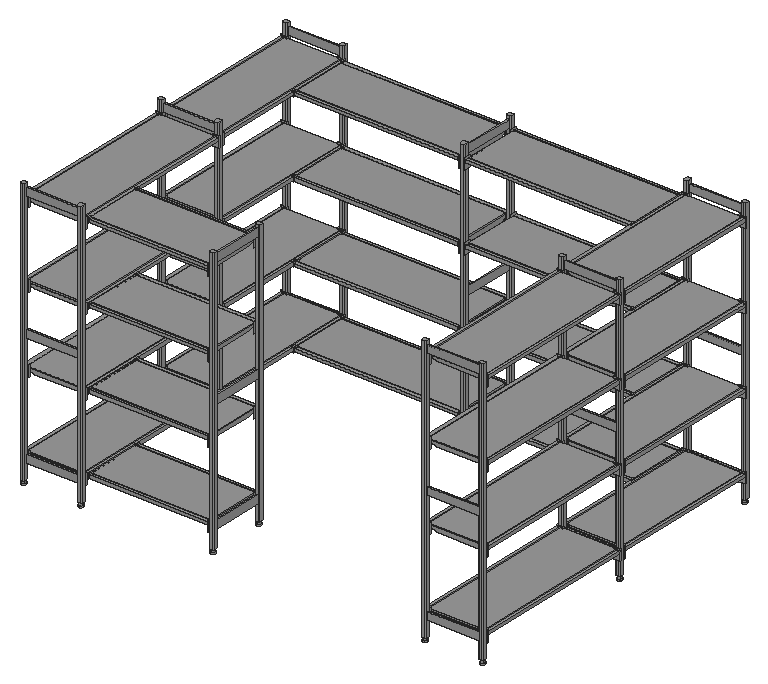
Revit family "QF_ELECTROLUXPROFESSIONAL_137106_CRS2820", category Attrezzature speciali, Revit 2020
Family settings
  Quota connettore circolare = Usa diametro
  Tipo di parte = Normale
  Basato su piano di lavoro = No
  Sempre verticale = Sì
  Taglio con vuoti quando caricato = No
  Condiviso = No
  Punto di calcolo locali = No
Parameters (values of type "Standard")
  Weight = 108.00 kg
  Watts = 0 W
  Volts = 0 V
  URL Manufacturer = "https://www.electroluxprofessional.com/"
  URL = "https://www.electroluxprofessional.com/"
  Steam Supply Size = 0 mm
  Steam Supply Minimum Pressure = 0.0 Pa
  Steam Supply Maximum Pressure = 0.0 Pa
  Steam Consumption per Hour = 0
  Refrigeration Suction Line Size = 0 mm
  Refrigeration Liquid Line Size = 0 mm
  Refrigerant Compressor Remote = yes
  Prospetto di default = 0 mm
  Produttore = "Electrolux Professional"
  Phase = 0
  Modello = "CRS2820"
  Length Actual = 708 mm  # constant formula
  Item Number = "137106"
  Hot Water Size = 0 mm
  Height Actual = 1550 mm  # constant formula
  HP = "0 HP"
  Gas Size = 0 mm
  Gas KW = 0
  Gas Input Pressure = 0 W
  Direct Waste Size = 0 mm
  Descrizione = "ALUM.SHELV.,POLY.TIERS-COLDROOM 283X203"
  Depth Actual = 373 mm  # constant formula
  Cycle = 0 Hz
  Condensate Return Size = 0 mm
  Compressed Air Volume = 0.0 L/s
  Compressed Air Size = 0 mm
  Compressed Air Pressure = 0.0 Pa
  Cold Water Size = 0 mm
  Accessory = yes
Reference planes
  plane 1 "Center (Front/Back)": y = 0
  plane 2: z = 0
  plane 3 "Center (Left/Right)": x = 0
  plane 4: x = -1415
  plane 5: y = 1015
  plane 6: y = -1015
  plane 7: x = 1415
  plane 8: x = -1369
  plane 9: x = 1369
  plane 10: y = 980
  plane 11: y = -980
Forms (mm)
  Extrusion 1, solid, material "QF_Clearances", detail levels coarse
    sketch origin (0, 0, 0) x (1, 0, 0) y (0, 1, 0)
      loop
        line (-1415, -1015) -> (295, -1015) -> (295, -980) -> (-1369, -980) -> (-1369, 980) -> (1369, 980) -> (1369, -980) -> (969, -980) -> (969, -1015) -> (1415, -1015) -> (1415, 1015) -> (-1415, 1015) -> (-1415, -1015)
    from 0 to 1590
Lines and regions (mm)
  symbolic lines, style "QF_Clearances"
    curve 1: line (-1415, 1015, 0) -> (-1415, -1015, 0)
    curve 2: line (1415, 1015, 0) -> (-1415, 1015, 0)
    curve 3: line (1415, -1015, 0) -> (1415, 1015, 0)
  symbolic lines
    curve 4: line (-1413.483, -55, 0) -> (-1415, -55, 0)
Dimensions and locks
  equal spacing: plane 5, plane 1 "Center (Front/Back)", plane 6
  plane 5 to plane 6 = 2030 mm
  equal spacing: plane 4, plane 3 "Center (Left/Right)", plane 7
  plane 4 to plane 7 = 2830 mm
  plane 4 to plane 8 = 46 mm
  plane 8 to plane 9 = 2738 mm
  plane 11 to plane 6 = 35 mm
  plane 10 to plane 11 = 1960 mm
  Extrusion 1 to nested 2 = 35 mm
  plane 4 to Extrusion 1 = 1710 mm
  aligned and locked: level to plane 2
  aligned and locked: plane 4 to Extrusion 1 sketch curve
  aligned and locked: Extrusion 1 sketch curve to plane 5
  aligned and locked: Extrusion 1 sketch curve to plane 7
  aligned and locked: Extrusion 1 sketch curve to plane 8
  aligned and locked: Extrusion 1 sketch curve to plane 10
  aligned and locked: plane 9 to Extrusion 1 sketch curve
  aligned and locked: Extrusion 1 sketch curve to plane 11
  aligned and locked: Extrusion 1 sketch curve to plane 6
Automatic sketch dimensions
  curve 1 to plane 4 = 0 mm
  plane 5 to curve 3 = 0 mm
  curve 3 to plane 7 = 0 mm
  curve 1 to plane 6 = 0 mm
  plane 6 to curve 3 = 0 mm
  curve 4 to curve 4 = 1.517 mm
  plane 1 "Center (Front/Back)" to curve 4 = 55 mm
  plane 3 "Center (Left/Right)" to Extrusion 1 sketch curve = 295 mm
  Extrusion 1 sketch curve to plane 9 = 400 mm
  plane 6 to Extrusion 1 sketch curve = 0 mm
  plane 11 to Extrusion 1 sketch curve = 0 mm
Nested families
  nested 1: "QF_974G" at (535.5, 728.5, 0) x (0, -1, 0) z (0, 0, 1), type "QF_974G"
  nested 2: "QF_974G" at (-535.5, 728.5, 0) x (0, -1, 0) z (0, 0, 1), type "QF_974G"
  nested 3: "QF_886" at (-1346, 536, 0) x (0, 1, 0) z (0, 0, 1), type "QF_886"
  nested 4: "QF_974" at (-1346, -430, 0) x (0, 1, 0) z (0, 0, 1), type "QF_974"
  nested 5: "QF_886" at (1346, 536, 0) x (0, 1, 0) z (0, 0, 1), type "QF_886"
  nested 6: "QF_974" at (1346, -430, 0) x (0, 1, 0) z (0, 0, 1), type "QF_974"
  nested 7: "QF_708G" at (-801.5, -728.5, 0) x (0, 1, 0) z (0, 0, 1), type "QF_708G"
Definition of nested family "QF_974G"
  Parameters
    Default Elevation = 0 mm
    Model = "137033"
    Manufacturer = "Electrolux Professional"
    Description = ""
  Reference planes
    plane 1: z = 0
    plane 2 "Center (F/B)": y = -163.5
    plane 3 "Front": y = -549.5
    plane 4 "Left": x = -217.5
    plane 5 "Right": x = 155.5
    plane 6 "TOP": z = 1700
    plane 7: y = -513
    plane 8: y = 461
    plane 9 "Center (Left/Right)": x = -31
    plane 10: y = 456
    plane 11: x = -186
    plane 12: x = 124
    plane 13 "FEET": z = 25
    plane 14: z = 140
    plane 15: z = 590
    plane 16: z = 1040
    plane 17: z = 1490
    plane 18 "CXLeft": y = -535.5
    plane 19: x = -200
    plane 20 "CYBack": x = -200
    plane 21 "CYFront": x = 138
    plane 22 "Back": y = 469.5
    plane 23 "LEFT_ORIGIN": x = -251.5
    plane 24 "BACK_Origin": y = 842.5
  Forms (mm)
    Extrusion 1, solid
      sketch origin (0, -549.5, 0) x (-1, 0, 0) y (0, 0, 1)
        loop
          line (198.5, 1515.994) -> (198.5, 1497.998) -> (217.5, 1497.998) -> (217.5, 1515.994) -> (198.5, 1515.994)
        loop
          line (-136.5, 1515.994) -> (-155.5, 1515.994) -> (-155.5, 1497.998) -> (-136.5, 1497.998) -> (-136.5, 1515.994)
        loop
          line (198.5, 1065.994) -> (198.5, 1047.998) -> (217.5, 1047.998) -> (217.5, 1065.994) -> (198.5, 1065.994)
        loop
          line (-136.5, 1065.994) -> (-155.5, 1065.994) -> (-155.5, 1047.998) -> (-136.5, 1047.998) -> (-136.5, 1065.994)
        loop
          line (198.5, 615.994) -> (198.5, 597.998) -> (217.5, 597.998) -> (217.5, 615.994) -> (198.5, 615.994)
        loop
          line (-136.5, 615.994) -> (-155.5, 615.994) -> (-155.5, 597.998) -> (-136.5, 597.998) -> (-136.5, 615.994)
        loop
          line (198.5, 165.994) -> (198.5, 147.998) -> (217.5, 147.998) -> (217.5, 165.994) -> (198.5, 165.994)
        loop
          line (-136.5, 165.994) -> (-155.5, 165.994) -> (-155.5, 147.998) -> (-136.5, 147.998) -> (-136.5, 165.994)
      from 36.5 to 1010.5
    Extrusion 2, solid
      sketch origin (0, -549.5, 0) x (-1, 0, 0) y (0, 0, 1)
        loop
          line (196.507, 1515.994) -> (-134.5, 1515.994) -> (-134.5, 1509.496) -> (196.507, 1509.496) -> (196.507, 1515.994)
        loop
          line (196.507, 1065.994) -> (-134.5, 1065.994) -> (-134.5, 1059.496) -> (196.507, 1059.496) -> (196.507, 1065.994)
        loop
          line (196.507, 615.994) -> (-134.5, 615.994) -> (-134.5, 609.496) -> (196.507, 609.496) -> (196.507, 615.994)
        loop
          line (196.507, 165.994) -> (-134.5, 165.994) -> (-134.5, 159.496) -> (196.507, 159.496) -> (196.507, 165.994)
      from 36.5 to 1010.5
  Lines and regions (mm)
    symbolic lines
      curve 1: line (-198.5, 461, 1700) -> (-198.5, -513, 1700)
      curve 2: line (-217.5, -517, 1700) -> (-217.5, 461, 1700)
      curve 3: line (155.5, -517, 1700) -> (155.5, 461, 1700)
      curve 4: line (-181.507, -513, 1700) -> (119.507, -513, 1700)
      curve 5: line (136.5, -513, 1700) -> (136.5, 461, 1700)
      curve 6: line (-198.5, 461, 1700) -> (136.5, 461, 1700)
  Dimensions and locks
    plane 3 "Front" to plane 2 "Center (F/B)" = 386 mm
    locked: plane 4 "Left" to plane 5 "Right" at 373
    locked: plane 7 to plane 8 at 974
    locked: plane 3 "Front" to plane 7 at 36.5
    plane 10 to plane 8 = 5 mm
    locked: plane 11 to plane 12 at 310
    equal spacing: plane 11, plane 9 "Center (Left/Right)", plane 12
    equal spacing: plane 4 "Left", plane 9 "Center (Left/Right)", plane 5 "Right"
    locked: plane 3 "Front" to plane 18 "CXLeft" at 14
    locked: plane 3 "Front" to plane 22 "Back" at 1019
    plane 23 "LEFT_ORIGIN" to plane 5 "Right" = 407 mm
    locked: plane 22 "Back" to plane 24 "BACK_Origin" at 373
    plane 14 to level = 140 mm
    plane 15 to level = 590 mm
    plane 16 to level = 1040 mm
    locked: plane 6 "TOP" to level at 1700
    plane 17 to level = 1490 mm
    plane 13 "FEET" to level = 25 mm
    aligned and locked: level to plane 1
    aligned and locked: Extrusion 2 to plane 7
    aligned and locked: plane 8 to Extrusion 2
    aligned and locked: Extrusion 1 to plane 7
    aligned and locked: plane 8 to Extrusion 1
    aligned and locked: Extrusion 1 sketch curve to Extrusion 1 sketch curve  (x2)
    aligned and locked: nested 1 to plane 18 "CXLeft"
    aligned and locked: nested 2 to plane 10
  Automatic sketch dimensions
    curve 2 to plane 4 "Left" = 0 mm
    curve 3 to plane 5 "Right" = 0 mm
    plane 7 to curve 1 = 0 mm
    plane 7 to curve 4 = 0 mm
    plane 7 to curve 5 = 0 mm
    plane 8 to curve 2 = 0 mm
    plane 8 to curve 1 = 0 mm
    plane 8 to curve 3 = 0 mm
    plane 21 "CYFront" to curve 5 = 1.5 mm
    plane 19 to curve 6 = 1.5 mm
    plane 7 to curve 3 = 4 mm
    plane 7 to curve 2 = 4 mm
    plane 12 to curve 4 = 4.493 mm
    curve 4 to plane 11 = 4.493 mm
    plane 5 "Right" to Extrusion 1 sketch curve = 0 mm  (x4)
    plane 4 "Left" to Extrusion 1 sketch curve = 0 mm  (x4)
    plane 21 "CYFront" to Extrusion 1 sketch curve = 1.5 mm  (x2)
    plane 19 to Extrusion 1 sketch curve = 1.5 mm  (x4)
    plane 14 to Extrusion 1 sketch curve = 7.998 mm  (x2)
    Extrusion 1 sketch curve to Extrusion 1 sketch curve = 17.997 mm  (x8)
    plane 15 to Extrusion 1 sketch curve = 7.998 mm  (x2)
    plane 16 to Extrusion 1 sketch curve = 7.998 mm  (x2)
    plane 17 to Extrusion 1 sketch curve = 7.998 mm  (x2)
    plane 21 "CYFront" to Extrusion 2 sketch curve = 3.5 mm  (x4)
    plane 19 to Extrusion 2 sketch curve = 3.493 mm  (x4)
    plane 14 to Extrusion 2 sketch curve = 19.496 mm
    Extrusion 2 sketch curve to Extrusion 2 sketch curve = 6.499 mm  (x4)
    plane 15 to Extrusion 2 sketch curve = 19.496 mm
    plane 16 to Extrusion 2 sketch curve = 19.496 mm
    plane 17 to Extrusion 2 sketch curve = 19.496 mm
  Nested families
    nested 1: "WT_Anta373B" at (-194.5, -132.5, 0) x (0, 1, 0) z (0, 0, 1), type "WT_Anta373B"
    nested 2: "WT_Aggancio373B" at (-194.5, 873, 0) x (0, 1, 0) z (0, 0, 1), type "WT_Aggancio373B"
  Definition of nested family "WT_Anta373B"
    Parameters
      WidthLeft = A + 64 mm  # 772 mm
      Width = 1606 mm
      Right = WidthLeft / 2  # 386 mm
      Default Elevation = 0 mm
      Left = -WidthLeft / 2  # -386 mm
      Height = 1590 mm
      FEET = 25 mm
      E = 0 mm
      Dint = Depth - 63 mm  # 310 mm
      Dext = Depth - 8 mm  # 365 mm
      Depth = 373 mm
      DX = (WidthLeft - A) / 2  # 32 mm
      B = 798 mm
      A = 708 mm
    Reference planes
      plane 1: z = 0
      plane 2 "LEFT": x = -417
      plane 3 "BACK": y = 23
      plane 4 "FRONT": y = -350
      plane 5 "TOP": z = 1590
      plane 6 "Center (Front/Back)": y = -163.5
      plane 7: y = -8.5
      plane 8: y = -318.5
      plane 9 "FEET": z = 25
      plane 10: z = 140
      plane 11: z = 590
      plane 12: z = 1040
      plane 13: z = 1490
      plane 14 "CXLeft": x = -403
      plane 15: y = 5.5
      plane 16 "CYBack": y = 5.5
      plane 17 "CYFront": y = -332.5
      plane 18: x = -385.031
      plane 19: x = -380.031
    Forms (mm)
      Extrusion 1, solid
        sketch origin (0, 0, 0) x (1, 0, 0) y (0, 1, 0)
          loop
            line (-417, 13.246) -> (-417, -2.246) -> (-410.746, -8.5) -> (-395.254, -8.5) -> (-389, -2.246) -> (-389, 13.246) -> (-395.254, 19.5) -> (-410.746, 19.5) -> (-417, 13.246)
        from 1590 to 25
      Extrusion 2, solid
        sketch origin (-417, 0, 0) x (0, 1, 0) y (0, 0, 1)
          loop
            line (23, 111.005) -> (23, 172.993) -> (-12.993, 172.993) -> (-12.993, 111.005) -> (23, 111.005)
          loop
            line (-350, 111.005) -> (-314.007, 111.005) -> (-314.007, 172.993) -> (-350, 172.993) -> (-350, 111.005)
          loop
            line (23, 561.005) -> (23, 622.993) -> (-12.993, 622.993) -> (-12.993, 561.005) -> (23, 561.005)
          loop
            line (-350, 561.005) -> (-314.007, 561.005) -> (-314.007, 622.993) -> (-350, 622.993) -> (-350, 561.005)
          loop
            line (23, 1011.005) -> (23, 1072.993) -> (-12.993, 1072.993) -> (-12.993, 1011.005) -> (23, 1011.005)
          loop
            line (-350, 1011.005) -> (-314.007, 1011.005) -> (-314.007, 1072.993) -> (-350, 1072.993) -> (-350, 1011.005)
          loop
            line (23, 1461.005) -> (23, 1522.993) -> (-12.993, 1522.993) -> (-12.993, 1461.005) -> (23, 1461.005)
          loop
            line (-350, 1461.005) -> (-314.007, 1461.005) -> (-314.007, 1522.993) -> (-350, 1522.993) -> (-350, 1461.005)
        from 28 to 32
      Revolve 3, solid
        sketch origin (-403, 0, 0) x (0, 1, 0) y (0, 0, 1)
          loop
            line (5.5, 25) -> (5.5, 0) -> (19, 0) -> (19, 5) -> (14, 5) -> (14, 25) -> (5.5, 25)
          axis (5.5, 25) -> (5.5, 0)
        angle from 0 to 360
      Extrusion 4, solid
        sketch origin (-403, 0, 0) x (0, 1, 0) y (0, 0, 1)
          loop
            line (-8.5, 777.382) -> (-8.5, 822.374) -> (-318.5, 822.374) -> (-318.5, 777.382) -> (-8.5, 777.382)
          loop
            line (-8.5, 1527.244) -> (-8.5, 1572.236) -> (-318.5, 1572.236) -> (-318.5, 1527.244) -> (-8.5, 1527.244)
        from -5 to 5
      Revolve 5, solid
        sketch origin (-403, -627, 0) x (0, -1, 0) y (0, 0, 1)
          loop
            line (-294.5, 25) -> (-294.5, 0) -> (-281, 0) -> (-281, 5) -> (-286, 5) -> (-286, 25) -> (-294.5, 25)
          axis (-294.5, 25) -> (-294.5, 0)
        angle from 0 to 360
      Extrusion 6, solid
        sketch origin (0, -627, 0) x (1, 0, 0) y (0, 1, 0)
          loop
            line (-417, 286.754) -> (-410.746, 280.5) -> (-395.254, 280.5) -> (-389, 286.754) -> (-389, 302.246) -> (-395.254, 308.5) -> (-410.746, 308.5) -> (-417, 302.246) -> (-417, 286.754)
        from 1590 to 25
      Extrusion 7, solid
        sketch origin (-417.031, -0.022, 0) x (0, 1, 0) y (0, 0, -1)
          loop
            line (-12, -1497.998) -> (-46, -1485.994) -> (-281, -1485.994) -> (-315, -1497.998) -> (-331, -1497.998) -> (-331, -1515.994) -> (-329, -1515.994) -> (-329, -1509.496) -> (2.007, -1509.496) -> (2.007, -1515.994) -> (4, -1515.994) -> (4, -1497.998) -> (-12, -1497.998)
          loop
            line (-12, -1047.998) -> (-46, -1035.994) -> (-281, -1035.994) -> (-315, -1047.998) -> (-331, -1047.998) -> (-331, -1065.994) -> (-329, -1065.994) -> (-329, -1059.496) -> (2.007, -1059.496) -> (2.007, -1065.994) -> (4, -1065.994) -> (4, -1047.998) -> (-12, -1047.998)
          loop
            line (-12, -597.998) -> (-46, -585.994) -> (-281, -585.994) -> (-315, -597.998) -> (-331, -597.998) -> (-331, -615.994) -> (-329, -615.994) -> (-329, -609.496) -> (2.007, -609.496) -> (2.007, -615.994) -> (4, -615.994) -> (4, -597.998) -> (-12, -597.998)
          loop
            line (-12, -147.998) -> (-46, -135.994) -> (-281, -135.994) -> (-315, -147.998) -> (-331, -147.998) -> (-331, -165.994) -> (-329, -165.994) -> (-329, -159.496) -> (2.007, -159.496) -> (2.007, -165.994) -> (4, -165.994) -> (4, -147.998) -> (-12, -147.998)
        from -32 to -37
      Extrusion 8, solid
        sketch origin (-403, 0, -659.878) x (0, 1, 0) y (0, 0, 1)
          loop
            line (-8.5, 777.382) -> (-8.5, 822.374) -> (-318.5, 822.374) -> (-318.5, 777.382) -> (-8.5, 777.382)
          loop
            line (-8.5, 1437.382) -> (-8.5, 1482.374) -> (-318.5, 1482.374) -> (-318.5, 1437.382) -> (-8.5, 1437.382)
          loop
            line (-8.5, 2187.382) -> (-8.5, 2232.374) -> (-318.5, 2232.374) -> (-318.5, 2187.382) -> (-8.5, 2187.382)
        from -5 to 5
    Lines and regions (mm)
      symbolic lines
        curve 1: line (-408, -8.5, 1590) -> (-408, -318.5, 1590)
        curve 2: line (-398, -318.5, 1590) -> (-398, -8.5, 1590)
        curve 3: line (-395.254, -8.5, 1590) -> (-410.746, -8.5, 1590)
        curve 4: line (-417, -2.246, 1590) -> (-410.746, -8.5, 1590)
        curve 5: line (-417, 13.246, 1590) -> (-417, -2.246, 1590)
        curve 6: line (-410.746, 19.5, 1590) -> (-417, 13.246, 1590)
        curve 7: line (-395.254, 19.5, 1590) -> (-410.746, 19.5, 1590)
        curve 8: line (-389, 13.246, 1590) -> (-395.254, 19.5, 1590)
        curve 9: line (-395.254, -8.5, 1590) -> (-389, -2.246, 1590)
        curve 10: line (-395.254, -318.5, 1590) -> (-410.746, -318.5, 1590)
        curve 11: line (-417, -324.754, 1590) -> (-410.746, -318.5, 1590)
        curve 12: line (-410.746, -346.5, 1590) -> (-417, -340.246, 1590)
        curve 13: line (-395.254, -346.5, 1590) -> (-410.746, -346.5, 1590)
        curve 14: line (-389, -340.246, 1590) -> (-395.254, -346.5, 1590)
        curve 15: line (-395.254, -318.5, 1590) -> (-389, -324.754, 1590)
        curve 16: line (-389, -350, 1590) -> (-389, -314.007, 1590)
        curve 17: line (-389, -314.007, 1590) -> (-385, -314.007, 1590)
        curve 18: line (-389, 23, 1590) -> (-389, -12.993, 1590)
        curve 19: line (-389, -12.993, 1590) -> (-385, -12.993, 1590)
        curve 20: line (-417, -324.754, 1590) -> (-417, -340.246, 1590)
        curve 21: line (-385, -350, 1590) -> (-385, -314.007, 1590)
        curve 22: line (-385, -350, 1590) -> (-389, -350, 1590)
        curve 23: line (-385, 23, 1590) -> (-389, 23, 1590)
        curve 24: line (-385, -12.993, 1590) -> (-385, 23, 1590)
        curve 25: line (-385.031, -13.016, 1725) -> (-385.031, -314.029, 1725)
    Dimensions and locks
      "Depth": plane 3 "BACK" to plane 4 "FRONT"
      "Dint": plane 7 to plane 8
      equal spacing: plane 7, plane 6 "Center (Front/Back)", plane 8
      equal spacing: plane 3 "BACK", plane 6 "Center (Front/Back)", plane 4 "FRONT"
      plane 9 "FEET" to level = 25 mm
      plane 10 to plane 9 "FEET" = 115 mm
      plane 11 to plane 10 = 450 mm
      plane 12 to plane 11 = 450 mm
      plane 13 to plane 12 = 450 mm
      locked: plane 2 "LEFT" to plane 14 "CXLeft" at 14
      locked: plane 3 "BACK" to plane 16 "CYBack" at 17.5
      locked: plane 17 "CYFront" to plane 4 "FRONT" at 17.5
      locked: Revolve 3 sketch curve to Revolve 3 sketch curve at 8.5
      locked: Revolve 3 sketch curve to plane 16 "CYBack" at 13.5
      locked: Revolve 5 sketch curve to Revolve 5 sketch curve at 8.5
      plane 10 to level = 140 mm
      plane 11 to level = 590 mm
      plane 12 to level = 1040 mm
      plane 13 to level = 1490 mm
      "Height": plane 5 "TOP" to level
      aligned and locked: level to plane 1
      aligned and locked: curve 20 to Extrusion 6
      aligned and locked: plane 5 "TOP" to Extrusion 1
      aligned and locked: plane 5 "TOP" to Extrusion 6
      aligned and locked: Extrusion 7 sketch curve to Extrusion 7 sketch curve  (x3)
    Automatic sketch dimensions
      curve 16 to plane 4 "FRONT" = 0 mm
      curve 11 to plane 8 = 0 mm
      curve 9 to plane 7 = 0 mm
      curve 5 to plane 2 "LEFT" = 0 mm
      curve 23 to plane 3 "BACK" = 0 mm
      plane 4 "FRONT" to curve 13 = 3.5 mm
      curve 20 to plane 17 "CYFront" = 7.746 mm
      curve 20 to plane 8 = 6.254 mm
      plane 8 to curve 16 = 4.493 mm
      curve 24 to plane 18 = 0.031 mm
      curve 24 to plane 7 = 4.493 mm
      plane 7 to curve 5 = 6.254 mm
      curve 5 to plane 15 = 7.746 mm
      curve 6 to plane 3 "BACK" = 3.5 mm
      curve 21 to plane 18 = 0.031 mm
      plane 18 to curve 23 = 3.969 mm
      plane 18 to curve 16 = 3.969 mm
      curve 18 to curve 8 = 6.254 mm
      curve 18 to curve 3 = 6.254 mm
      curve 16 to curve 13 = 6.254 mm
      curve 16 to curve 15 = 6.254 mm
      plane 2 "LEFT" to curve 10 = 6.254 mm
      plane 2 "LEFT" to curve 7 = 6.254 mm
      plane 2 "LEFT" to curve 12 = 6.254 mm
      plane 2 "LEFT" to curve 3 = 6.254 mm
      curve 14 to plane 17 "CYFront" = 7.746 mm
      curve 15 to plane 8 = 6.254 mm
      plane 7 to curve 9 = 6.254 mm
      curve 8 to plane 15 = 7.746 mm
      curve 3 to curve 2 = 2.746 mm
      curve 1 to curve 10 = 2.746 mm
      Extrusion 1 sketch curve to plane 2 "LEFT" = 0 mm
      Extrusion 1 sketch curve to plane 7 = 0 mm
      plane 2 "LEFT" to Extrusion 1 sketch curve = 6.254 mm  (x2)
      plane 14 "CXLeft" to Extrusion 1 sketch curve = 7.746 mm  (x2)
      Extrusion 1 sketch curve to plane 3 "BACK" = 3.5 mm
      plane 18 to Extrusion 1 sketch curve = 3.969 mm
      plane 7 to Extrusion 1 sketch curve = 6.254 mm  (x2)
      Extrusion 1 sketch curve to plane 15 = 7.746 mm  (x2)
      Extrusion 2 sketch curve to plane 4 "FRONT" = 0 mm  (x4)
      Extrusion 2 sketch curve to plane 3 "BACK" = 0 mm  (x4)
      plane 8 to Extrusion 2 sketch curve = 4.493 mm  (x4)
      Extrusion 2 sketch curve to plane 7 = 4.493 mm  (x4)
      Extrusion 2 sketch curve to plane 10 = 28.995 mm  (x2)
      plane 10 to Extrusion 2 sketch curve = 32.993 mm  (x2)
      Extrusion 2 sketch curve to plane 11 = 28.995 mm  (x2)
      plane 11 to Extrusion 2 sketch curve = 32.993 mm  (x2)
      Extrusion 2 sketch curve to plane 12 = 28.995 mm  (x2)
      plane 12 to Extrusion 2 sketch curve = 32.993 mm  (x2)
      Extrusion 2 sketch curve to plane 13 = 28.995 mm  (x2)
      plane 13 to Extrusion 2 sketch curve = 32.993 mm  (x2)
      Revolve 3 sketch curve to plane 9 "FEET" = 0 mm  (x2)
      Revolve 3 sketch curve to plane 15 = 0 mm  (x2)
      Revolve 3 sketch curve to level = 0 mm
      level to Revolve 3 sketch curve = 5 mm
      Revolve 3 sketch curve to Revolve 3 sketch curve = 11.655 mm
      Extrusion 4 sketch curve to plane 8 = 0 mm  (x2)
      Extrusion 4 sketch curve to plane 7 = 0 mm  (x2)
      plane 11 to Extrusion 4 sketch curve = 187.382 mm
      Extrusion 4 sketch curve to Extrusion 4 sketch curve = 44.992 mm
      plane 13 to Extrusion 4 sketch curve = 37.244 mm
      Extrusion 4 sketch curve to plane 5 "TOP" = 17.764 mm
      Revolve 5 sketch curve to plane 9 "FEET" = 0 mm  (x2)
      Revolve 5 sketch curve to plane 17 "CYFront" = 0 mm  (x2)
      Revolve 5 sketch curve to level = 0 mm
      Revolve 5 sketch curve to plane 4 "FRONT" = 4 mm
      Revolve 5 sketch curve to Revolve 5 sketch curve = 5 mm
      level to Revolve 5 sketch curve = 11.655 mm
      Extrusion 6 sketch curve to plane 2 "LEFT" = 0 mm
      Extrusion 6 sketch curve to plane 8 = 0 mm
      Extrusion 6 sketch curve to plane 2 "LEFT" = 6.254 mm  (x2)
      Extrusion 6 sketch curve to plane 14 "CXLeft" = 7.746 mm  (x2)
      Extrusion 6 sketch curve to plane 4 "FRONT" = 3.5 mm
      Extrusion 6 sketch curve to plane 18 = 3.969 mm
      plane 8 to Extrusion 6 sketch curve = 6.254 mm  (x2)
      plane 17 "CYFront" to Extrusion 6 sketch curve = 7.746 mm  (x2)
      plane 17 "CYFront" to Extrusion 7 sketch curve = 1.478 mm  (x4)
      Extrusion 7 sketch curve to Extrusion 7 sketch curve = 2 mm
      plane 8 to Extrusion 7 sketch curve = 3.478 mm  (x4)
      Extrusion 7 sketch curve to plane 10 = 4.006 mm
      Extrusion 7 sketch curve to Extrusion 7 sketch curve = 34 mm  (x4)
      Extrusion 7 sketch curve to plane 11 = 4.006 mm
      Extrusion 7 sketch curve to plane 12 = 4.006 mm
      Extrusion 7 sketch curve to plane 13 = 4.006 mm
      Extrusion 7 sketch curve to plane 7 = 37.522 mm  (x4)
      Extrusion 7 sketch curve to plane 7 = 3.522 mm  (x4)
      plane 15 to Extrusion 7 sketch curve = 3.516 mm  (x4)
      plane 15 to Extrusion 7 sketch curve = 1.522 mm  (x4)
      plane 13 to Extrusion 7 sketch curve = 7.998 mm  (x2)
      Extrusion 7 sketch curve to Extrusion 7 sketch curve = 11.498 mm
      Extrusion 7 sketch curve to Extrusion 7 sketch curve = 6.499 mm  (x5)
      plane 12 to Extrusion 7 sketch curve = 25.994 mm  (x2)
      plane 12 to Extrusion 7 sketch curve = 7.998 mm  (x2)
      plane 11 to Extrusion 7 sketch curve = 25.994 mm  (x2)
      plane 11 to Extrusion 7 sketch curve = 7.998 mm  (x2)
      plane 10 to Extrusion 7 sketch curve = 25.994 mm  (x2)
      plane 10 to Extrusion 7 sketch curve = 7.998 mm  (x2)
      curve 25 to plane 18 = 0 mm
      plane 8 to curve 25 = 4.471 mm
      curve 25 to plane 7 = 4.516 mm
      Extrusion 8 sketch curve to plane 8 = 0 mm  (x3)
      Extrusion 8 sketch curve to plane 7 = 0 mm  (x3)
      Extrusion 8 sketch curve to plane 10 = 22.496 mm
      plane 10 to Extrusion 8 sketch curve = 22.496 mm
      plane 11 to Extrusion 8 sketch curve = 187.504 mm
      Extrusion 8 sketch curve to Extrusion 8 sketch curve = 44.992 mm
      plane 13 to Extrusion 8 sketch curve = 37.504 mm
      Extrusion 8 sketch curve to plane 5 "TOP" = 17.504 mm
  Definition of nested family "WT_Aggancio373B"
    Parameters
      WidthLeft = A + 64 mm  # 772 mm
      Width = 1606 mm
      Right = WidthLeft / 2  # 386 mm
      Default Elevation = 0 mm
      Left = -WidthLeft / 2  # -386 mm
      Height = 1590 mm
      FEET = 25 mm
      E = 0 mm
      Dint = Depth - 63 mm  # 310 mm
      Dext = Depth - 8 mm  # 365 mm
      Depth = 373 mm
      DX = (WidthLeft - A) / 2  # 32 mm
      B = 798 mm
      A = 708 mm
    Reference planes
      plane 1: z = 0
      plane 2 "LEFT": x = -417
      plane 3 "BACK": y = 23
      plane 4 "FRONT": y = -350
      plane 5 "TOP": z = 1590
      plane 6 "Center (Front/Back)": y = -163.5
      plane 7: y = -8.5
      plane 8: y = -318.5
      plane 9 "FEET": z = 25
      plane 10: z = 140
      plane 11: z = 590
      plane 12: z = 1040
      plane 13: z = 1490
      plane 14: y = 5.5
      plane 15 "CYBack": y = 5.5
      plane 16 "CYFront": y = -332.5
    Forms (mm)
      Extrusion 1, solid
        sketch origin (-380, -0.022, 0) x (0, 1, 0) y (0, 0, 1)
          loop
            line (-12, 1497.998) -> (4, 1497.998) -> (4, 1515.994) -> (2.007, 1515.994) -> (2.007, 1509.496) -> (-329, 1509.496) -> (-329, 1515.994) -> (-331, 1515.994) -> (-331, 1497.998) -> (-315, 1497.998) -> (-281, 1485.994) -> (-46, 1485.994) -> (-12, 1497.998)
          loop
            line (-12, 1047.998) -> (4, 1047.998) -> (4, 1065.994) -> (2.007, 1065.994) -> (2.007, 1059.496) -> (-329, 1059.496) -> (-329, 1065.994) -> (-331, 1065.994) -> (-331, 1047.998) -> (-315, 1047.998) -> (-281, 1035.994) -> (-46, 1035.994) -> (-12, 1047.998)
          loop
            line (-12, 597.998) -> (4, 597.998) -> (4, 615.994) -> (2.007, 615.994) -> (2.007, 609.496) -> (-329, 609.496) -> (-329, 615.994) -> (-331, 615.994) -> (-331, 597.998) -> (-315, 597.998) -> (-281, 585.994) -> (-46, 585.994) -> (-12, 597.998)
          loop
            line (-12, 147.998) -> (4, 147.998) -> (4, 165.994) -> (2.007, 165.994) -> (2.007, 159.496) -> (-329, 159.496) -> (-329, 165.994) -> (-331, 165.994) -> (-331, 147.998) -> (-315, 147.998) -> (-281, 135.994) -> (-46, 135.994) -> (-12, 147.998)
        from -32 to -37
      Extrusion 2, solid
        sketch origin (-793.062, -324.754, 6.5) x (1, 0, 0) y (0, 0, 1)
          loop
            line (385.062, 1509.496) -> (385.062, 1512.496) -> (376.062, 1512.496) -> (376.062, 1485.994) -> (390.031, 1485.994) -> (390.031, 1491.496) -> (381.062, 1491.496) -> (381.062, 1509.496) -> (385.062, 1509.496)
          loop
            line (385.062, 1059.496) -> (385.062, 1062.496) -> (376.062, 1062.496) -> (376.062, 1035.994) -> (390.031, 1035.994) -> (390.031, 1041.496) -> (381.062, 1041.496) -> (381.062, 1059.496) -> (385.062, 1059.496)
          loop
            line (385.062, 609.496) -> (385.062, 612.496) -> (376.062, 612.496) -> (376.062, 585.994) -> (390.031, 585.994) -> (390.031, 591.496) -> (381.062, 591.496) -> (381.062, 609.496) -> (385.062, 609.496)
          loop
            line (385.062, 159.496) -> (385.062, 162.496) -> (376.062, 162.496) -> (376.062, 135.994) -> (390.031, 135.994) -> (390.031, 141.496) -> (381.062, 141.496) -> (381.062, 159.496) -> (385.062, 159.496)
        from 6.268 to 25.246
      Extrusion 3, solid
        sketch origin (-793.062, 32.754, 6.5) x (1, 0, 0) y (0, 0, 1)
          loop
            line (385.062, 1509.496) -> (385.062, 1512.496) -> (376.062, 1512.496) -> (376.062, 1485.994) -> (390.031, 1485.994) -> (390.031, 1491.496) -> (381.062, 1491.496) -> (381.062, 1509.496) -> (385.062, 1509.496)
          loop
            line (385.062, 1059.496) -> (385.062, 1062.496) -> (376.062, 1062.496) -> (376.062, 1035.994) -> (390.031, 1035.994) -> (390.031, 1041.496) -> (381.062, 1041.496) -> (381.062, 1059.496) -> (385.062, 1059.496)
          loop
            line (385.062, 609.496) -> (385.062, 612.496) -> (376.062, 612.496) -> (376.062, 585.994) -> (390.031, 585.994) -> (390.031, 591.496) -> (381.062, 591.496) -> (381.062, 609.496) -> (385.062, 609.496)
          loop
            line (385.062, 159.496) -> (385.062, 162.496) -> (376.062, 162.496) -> (376.062, 135.994) -> (390.031, 135.994) -> (390.031, 141.496) -> (381.062, 141.496) -> (381.062, 159.496) -> (385.062, 159.496)
        from 9.754 to 28.776
    Lines and regions (mm)
      symbolic lines
        curve 1: line (-412, -350, 0) -> (-408, -350, 0)
        curve 2: line (-412, -331.022, 0) -> (-412, -350, 0)
        curve 3: line (-408, -331.022, 0) -> (-412, -331.022, 0)
        curve 4: line (-408, -350, 0) -> (-408, -331.022, 0)
        curve 5: line (-412, 3.978, 0) -> (-408, 3.978, 0)
        curve 6: line (-412, 23, 0) -> (-412, 3.978, 0)
        curve 7: line (-408, 23, 0) -> (-412, 23, 0)
        curve 8: line (-408, 3.978, 0) -> (-408, 23, 0)
    Dimensions and locks
      "Height": plane 5 "TOP" to level
      "Depth": plane 3 "BACK" to plane 4 "FRONT"
      "Dint": plane 7 to plane 8
      equal spacing: plane 7, plane 6 "Center (Front/Back)", plane 8
      equal spacing: plane 3 "BACK", plane 6 "Center (Front/Back)", plane 4 "FRONT"
      plane 9 "FEET" to level = 25 mm
      plane 10 to plane 9 "FEET" = 115 mm
      locked: plane 11 to plane 10 at 450
      locked: plane 12 to plane 11 at 450
      locked: plane 13 to plane 12 at 450
      locked: plane 3 "BACK" to plane 15 "CYBack" at 17.5
      locked: plane 16 "CYFront" to plane 4 "FRONT" at 17.5
      aligned and locked: level to plane 1
      aligned and locked: Extrusion 1 sketch curve to Extrusion 1 sketch curve  (x3)
    Automatic sketch dimensions
      plane 16 "CYFront" to Extrusion 1 sketch curve = 1.478 mm  (x4)
      Extrusion 1 sketch curve to Extrusion 1 sketch curve = 2 mm
      plane 8 to Extrusion 1 sketch curve = 3.478 mm  (x4)
      Extrusion 1 sketch curve to plane 10 = 4.006 mm
      Extrusion 1 sketch curve to Extrusion 1 sketch curve = 34 mm  (x4)
      Extrusion 1 sketch curve to plane 11 = 4.006 mm
      Extrusion 1 sketch curve to plane 12 = 4.006 mm
      Extrusion 1 sketch curve to plane 13 = 4.006 mm
      Extrusion 1 sketch curve to plane 7 = 37.522 mm  (x4)
      Extrusion 1 sketch curve to plane 7 = 3.522 mm  (x4)
      plane 14 to Extrusion 1 sketch curve = 3.516 mm  (x4)
      plane 14 to Extrusion 1 sketch curve = 1.522 mm  (x4)
      plane 10 to Extrusion 1 sketch curve = 7.998 mm  (x2)
      Extrusion 1 sketch curve to Extrusion 1 sketch curve = 11.498 mm  (x4)
      Extrusion 1 sketch curve to Extrusion 1 sketch curve = 6.499 mm  (x8)
      plane 11 to Extrusion 1 sketch curve = 7.998 mm  (x2)
      plane 12 to Extrusion 1 sketch curve = 7.998 mm  (x2)
      plane 13 to Extrusion 1 sketch curve = 7.998 mm  (x2)
      plane 2 "LEFT" to Extrusion 2 sketch curve = 0 mm  (x4)
      plane 13 to Extrusion 2 sketch curve = 7.996 mm
      plane 11 to Extrusion 2 sketch curve = 7.996 mm
      Extrusion 2 sketch curve to Extrusion 2 sketch curve = 5 mm  (x4)
      plane 11 to Extrusion 2 sketch curve = 2.494 mm
      plane 10 to Extrusion 2 sketch curve = 28.996 mm
      Extrusion 2 sketch curve to Extrusion 2 sketch curve = 3 mm  (x4)
      plane 10 to Extrusion 2 sketch curve = 7.996 mm
      plane 10 to Extrusion 2 sketch curve = 2.494 mm
      Extrusion 2 sketch curve to Extrusion 2 sketch curve = 18 mm  (x3)
      plane 12 to Extrusion 2 sketch curve = 2.494 mm
      plane 12 to Extrusion 2 sketch curve = 7.996 mm
      plane 13 to Extrusion 2 sketch curve = 2.494 mm
      plane 2 "LEFT" to Extrusion 3 sketch curve = 0 mm  (x4)
      plane 13 to Extrusion 3 sketch curve = 7.996 mm
      plane 11 to Extrusion 3 sketch curve = 7.996 mm
      Extrusion 3 sketch curve to Extrusion 3 sketch curve = 5 mm  (x4)
      plane 11 to Extrusion 3 sketch curve = 2.494 mm
      plane 10 to Extrusion 3 sketch curve = 28.996 mm
      Extrusion 3 sketch curve to Extrusion 3 sketch curve = 3 mm  (x4)
      plane 10 to Extrusion 3 sketch curve = 7.996 mm
      plane 10 to Extrusion 3 sketch curve = 2.494 mm
      Extrusion 3 sketch curve to Extrusion 3 sketch curve = 18 mm  (x3)
      plane 12 to Extrusion 3 sketch curve = 2.494 mm
      plane 12 to Extrusion 3 sketch curve = 7.996 mm
      plane 13 to Extrusion 3 sketch curve = 2.494 mm
      plane 2 "LEFT" to curve 1 = 5 mm
      plane 2 "LEFT" to curve 7 = 5 mm
      curve 1 to plane 16 "CYFront" = 17.5 mm
      curve 3 to plane 8 = 12.522 mm
      plane 7 to curve 5 = 12.478 mm
      curve 7 to plane 14 = 17.5 mm
      curve 5 to curve 5 = 4 mm
      curve 1 to curve 4 = 4 mm
      Extrusion 2 sketch curve to Extrusion 2 sketch curve = 4 mm  (x4)
      Extrusion 2 sketch curve to Extrusion 2 sketch curve = 8.969 mm  (x4)
      Extrusion 3 sketch curve to Extrusion 3 sketch curve = 4 mm  (x4)
      Extrusion 3 sketch curve to Extrusion 3 sketch curve = 8.969 mm  (x4)
Definition of nested family "QF_886"
  Parameters
    Default Elevation = 0 mm
    Model = "137012"
    Manufacturer = "Electrolux Professional"
    Description = ""
  Reference planes
    plane 1: z = 0
    plane 2 "Center (Left/Right)": x = -31
    plane 3 "LEFT": x = -506
    plane 4 "RIGHT": x = 444
    plane 5 "BACK": y = 23
    plane 6 "FRONT": y = -350
    plane 7 "TOP": z = 1700
    plane 8: x = 439
    plane 9: x = -474
    plane 10: x = 412
    plane 11 "Center (Front/Back)": y = -163.5
    plane 12: x = 407
    plane 13: y = -8.5
    plane 14: y = -318.5
    plane 15 "FEET": z = 25
    plane 16: z = 140
    plane 17: z = 590
    plane 18: z = 1040
    plane 19: z = 1490
    plane 20 "CXLeft": x = -492
    plane 21 "CXRight": x = 430
    plane 22: y = 5.5
    plane 23 "CYBack": y = 5.5
    plane 24 "CYFront": y = -332.5
  Forms (mm)
    Extrusion 1, solid
      sketch origin (-506, 0, 0) x (0, 1, 0) y (0, 0, 1)
        loop
          line (4, 1515.994) -> (4, 1497.998) -> (23, 1497.998) -> (23, 1515.994) -> (4, 1515.994)
        loop
          line (-331, 1515.994) -> (-350, 1515.994) -> (-350, 1497.998) -> (-331, 1497.998) -> (-331, 1515.994)
        loop
          line (4, 1065.994) -> (4, 1047.998) -> (23, 1047.998) -> (23, 1065.994) -> (4, 1065.994)
        loop
          line (-331, 1065.994) -> (-350, 1065.994) -> (-350, 1047.998) -> (-331, 1047.998) -> (-331, 1065.994)
        loop
          line (4, 615.994) -> (4, 597.998) -> (23, 597.998) -> (23, 615.994) -> (4, 615.994)
        loop
          line (-331, 615.994) -> (-350, 615.994) -> (-350, 597.998) -> (-331, 597.998) -> (-331, 615.994)
        loop
          line (4, 165.994) -> (4, 147.998) -> (23, 147.998) -> (23, 165.994) -> (4, 165.994)
        loop
          line (-331, 165.994) -> (-350, 165.994) -> (-350, 147.998) -> (-331, 147.998) -> (-331, 165.994)
      from 32 to 918
    Extrusion 2, solid
      sketch origin (-506, 0, 135) x (0, 1, 0) y (0, 0, 1)
        loop
          line (2.007, 1380.994) -> (-329, 1380.994) -> (-329, 1374.496) -> (2.007, 1374.496) -> (2.007, 1380.994)
        loop
          line (2.007, 930.994) -> (-329, 930.994) -> (-329, 924.496) -> (2.007, 924.496) -> (2.007, 930.994)
        loop
          line (2.007, 480.994) -> (-329, 480.994) -> (-329, 474.496) -> (2.007, 474.496) -> (2.007, 480.994)
        loop
          line (2.007, 30.994) -> (-329, 30.994) -> (-329, 24.496) -> (2.007, 24.496) -> (2.007, 30.994)
      from 32 to 918
    Extrusion 3, solid
      sketch origin (444, 0, 135) x (0, 1, 0) y (0, 0, 1)
        loop
          line (-12, 1362.998) -> (4, 1362.998) -> (4, 1380.994) -> (2.007, 1380.994) -> (2.007, 1374.496) -> (-329, 1374.496) -> (-329, 1380.994) -> (-331, 1380.994) -> (-331, 1362.998) -> (-315, 1362.998) -> (-281, 1350.994) -> (-46, 1350.994) -> (-12, 1362.998)
        loop
          line (-12, 912.998) -> (4, 912.998) -> (4, 930.994) -> (2.007, 930.994) -> (2.007, 924.496) -> (-329, 924.496) -> (-329, 930.994) -> (-331, 930.994) -> (-331, 912.998) -> (-315, 912.998) -> (-281, 900.994) -> (-46, 900.994) -> (-12, 912.998)
        loop
          line (-12, 462.998) -> (4, 462.998) -> (4, 480.994) -> (2.007, 480.994) -> (2.007, 474.496) -> (-329, 474.496) -> (-329, 480.994) -> (-331, 480.994) -> (-331, 462.998) -> (-315, 462.998) -> (-281, 450.994) -> (-46, 450.994) -> (-12, 462.998)
        loop
          line (-12, 12.998) -> (4, 12.998) -> (4, 30.994) -> (2.007, 30.994) -> (2.007, 24.496) -> (-329, 24.496) -> (-329, 30.994) -> (-331, 30.994) -> (-331, 12.998) -> (-315, 12.998) -> (-281, 0.994) -> (-46, 0.994) -> (-12, 12.998)
      from -32 to -37
  Lines and regions (mm)
    symbolic lines
      curve 1: line (412, 4, 1700) -> (-474, 4, 1700)
      curve 2: line (-478, 23, 1700) -> (416, 23, 1700)
      curve 3: line (416, 13.246, 1700) -> (422.254, 19.5, 1700)
      curve 4: line (422.254, -8.5, 1700) -> (416, -2.246, 1700)
      curve 5: line (422.254, -318.5, 1700) -> (416, -324.754, 1700)
      curve 6: line (-478, -350, 1700) -> (416, -350, 1700)
      curve 7: line (416, 23, 1700) -> (416, -12.993, 1700)
      curve 8: line (416, -12.993, 1700) -> (412, -12.993, 1700)
      curve 9: line (416, -350, 1700) -> (416, -314.007, 1700)
      curve 10: line (416, -314.007, 1700) -> (412, -314.007, 1700)
      curve 11: line (-474, -12.993, 1700) -> (-474, -314.007, 1700)
      curve 12: line (-474, -331, 1700) -> (412, -331, 1700)
      curve 13: line (412, -12.993, 1700) -> (412, -314.007, 1700)
  Dimensions and locks
    locked: plane 3 "LEFT" to plane 4 "RIGHT" at 950
    equal spacing: plane 3 "LEFT", plane 2 "Center (Left/Right)", plane 4 "RIGHT"
    locked: plane 7 "TOP" to level at 1700
    locked: plane 5 "BACK" to plane 6 "FRONT" at 373
    locked: plane 4 "RIGHT" to plane 8 at 5
    locked: plane 9 to plane 10 at 886
    locked: plane 3 "LEFT" to plane 9 at 32
    plane 12 to plane 10 = 5 mm
    locked: plane 13 to plane 14 at 310
    equal spacing: plane 13, plane 11 "Center (Front/Back)", plane 14
    equal spacing: plane 5 "BACK", plane 11 "Center (Front/Back)", plane 6 "FRONT"
    plane 15 "FEET" to level = 25 mm
    plane 7 "TOP" to plane 15 "FEET" = 1675 mm
    plane 17 to plane 16 = 450 mm
    plane 18 to plane 17 = 450 mm
    plane 19 to plane 18 = 450 mm
    locked: plane 3 "LEFT" to plane 20 "CXLeft" at 14
    locked: plane 21 "CXRight" to plane 4 "RIGHT" at 14
    locked: plane 5 "BACK" to plane 23 "CYBack" at 17.5
    locked: plane 24 "CYFront" to plane 6 "FRONT" at 17.5
    plane 16 to level = 140 mm
    plane 17 to level = 590 mm
    plane 18 to level = 1040 mm
    plane 19 to level = 1490 mm
    aligned and locked: level to plane 1
    aligned and locked: plane 9 to Extrusion 2
    aligned and locked: Extrusion 2 to plane 10
    aligned and locked: plane 9 to Extrusion 1
    aligned and locked: Extrusion 1 to plane 10
    aligned and locked: Extrusion 1 sketch curve to Extrusion 1 sketch curve  (x2)
    aligned and locked: Extrusion 3 sketch curve to Extrusion 3 sketch curve  (x3)
    aligned and locked: Extrusion 3 to plane 12
    aligned and locked: Extrusion 3 to plane 10
    aligned and locked: plane 20 "CXLeft" to nested 1
    aligned and locked: plane 21 "CXRight" to nested 2
  Automatic sketch dimensions
    Extrusion 1 sketch curve to plane 6 "FRONT" = 0 mm  (x4)
    Extrusion 1 sketch curve to plane 5 "BACK" = 0 mm  (x4)
    plane 24 "CYFront" to Extrusion 1 sketch curve = 1.5 mm  (x2)
    plane 22 to Extrusion 1 sketch curve = 1.5 mm  (x4)
    plane 16 to Extrusion 1 sketch curve = 7.998 mm  (x2)
    Extrusion 1 sketch curve to Extrusion 1 sketch curve = 17.997 mm  (x8)
    plane 17 to Extrusion 1 sketch curve = 7.998 mm  (x2)
    plane 18 to Extrusion 1 sketch curve = 7.998 mm  (x2)
    plane 19 to Extrusion 1 sketch curve = 7.998 mm  (x2)
    plane 24 "CYFront" to Extrusion 2 sketch curve = 3.5 mm  (x4)
    plane 22 to Extrusion 2 sketch curve = 3.493 mm  (x4)
    plane 16 to Extrusion 2 sketch curve = 19.496 mm
    Extrusion 2 sketch curve to Extrusion 2 sketch curve = 6.499 mm  (x4)
    plane 17 to Extrusion 2 sketch curve = 19.496 mm
    plane 18 to Extrusion 2 sketch curve = 19.496 mm
    plane 19 to Extrusion 2 sketch curve = 19.496 mm
    plane 24 "CYFront" to Extrusion 3 sketch curve = 1.5 mm  (x4)
    Extrusion 3 sketch curve to Extrusion 3 sketch curve = 2 mm
    plane 14 to Extrusion 3 sketch curve = 3.5 mm  (x4)
    Extrusion 3 sketch curve to plane 16 = 4.006 mm
    Extrusion 3 sketch curve to Extrusion 3 sketch curve = 34 mm  (x4)
    Extrusion 3 sketch curve to plane 17 = 4.006 mm
    Extrusion 3 sketch curve to plane 18 = 4.006 mm
    Extrusion 3 sketch curve to plane 19 = 4.006 mm
    Extrusion 3 sketch curve to plane 13 = 37.5 mm  (x4)
    Extrusion 3 sketch curve to plane 13 = 3.5 mm  (x4)
    plane 22 to Extrusion 3 sketch curve = 3.493 mm  (x4)
    plane 22 to Extrusion 3 sketch curve = 1.5 mm  (x4)
    plane 16 to Extrusion 3 sketch curve = 7.998 mm  (x2)
    Extrusion 3 sketch curve to Extrusion 3 sketch curve = 11.498 mm  (x4)
    Extrusion 3 sketch curve to Extrusion 3 sketch curve = 6.499 mm  (x8)
    plane 17 to Extrusion 3 sketch curve = 7.998 mm  (x2)
    plane 18 to Extrusion 3 sketch curve = 7.998 mm  (x2)
    plane 19 to Extrusion 3 sketch curve = 7.998 mm  (x2)
    curve 6 to plane 6 "FRONT" = 0 mm
    curve 12 to plane 9 = 0 mm
    curve 12 to plane 10 = 0 mm
    curve 5 to plane 14 = 0 mm
    curve 11 to plane 9 = 0 mm
    curve 8 to plane 10 = 0 mm
    curve 4 to plane 13 = 0 mm
    curve 1 to plane 9 = 0 mm
    curve 1 to plane 10 = 0 mm
    curve 2 to plane 5 "BACK" = 0 mm
    plane 14 to curve 10 = 4.493 mm
    curve 7 to plane 13 = 4.493 mm
    curve 10 to plane 10 = 4 mm
    curve 7 to plane 10 = 4 mm
    plane 24 "CYFront" to curve 12 = 1.5 mm
    curve 5 to plane 14 = 6.254 mm
    plane 14 to curve 11 = 4.493 mm
    curve 11 to plane 13 = 4.493 mm
    plane 13 to curve 4 = 6.254 mm
    plane 22 to curve 1 = 1.5 mm
    curve 3 to plane 22 = 7.746 mm
    curve 3 to plane 5 "BACK" = 3.5 mm
    curve 5 to curve 9 = 6.254 mm
    curve 3 to curve 2 = 6.254 mm
    curve 4 to curve 7 = 6.254 mm
    plane 9 to curve 2 = 4 mm
    plane 9 to curve 6 = 4 mm
  Nested families
    nested 1: "WT_Anta373B" at (-89, 0, 0), type "WT_Anta373B"
    nested 2: "WT_Anta373B" at (27, 0, 0) x (-1, 0, 0) z (0, 0, 1), type "WT_Anta373B"
  Definition of nested family "WT_Anta373B"
    Parameters
      WidthLeft = A + 64 mm  # 772 mm
      Width = 1606 mm
      Right = WidthLeft / 2  # 386 mm
      Default Elevation = 0 mm
      Left = -WidthLeft / 2  # -386 mm
      Height = 1590 mm
      FEET = 25 mm
      E = 0 mm
      Dint = Depth - 63 mm  # 310 mm
      Dext = Depth - 8 mm  # 365 mm
      Depth = 373 mm
      DX = (WidthLeft - A) / 2  # 32 mm
      B = 798 mm
      A = 708 mm
    Reference planes
      plane 1: z = 0
      plane 2 "LEFT": x = -417
      plane 3 "BACK": y = 23
      plane 4 "FRONT": y = -350
      plane 5 "TOP": z = 1590
      plane 6 "Center (Front/Back)": y = -163.5
      plane 7: y = -8.5
      plane 8: y = -318.5
      plane 9 "FEET": z = 25
      plane 10: z = 140
      plane 11: z = 590
      plane 12: z = 1040
      plane 13: z = 1490
      plane 14 "CXLeft": x = -403
      plane 15: y = 5.5
      plane 16 "CYBack": y = 5.5
      plane 17 "CYFront": y = -332.5
      plane 18: x = -385.031
      plane 19: x = -380.031
    Forms (mm)
      Extrusion 1, solid
        sketch origin (0, 0, 0) x (1, 0, 0) y (0, 1, 0)
          loop
            line (-417, 13.246) -> (-417, -2.246) -> (-410.746, -8.5) -> (-395.254, -8.5) -> (-389, -2.246) -> (-389, 13.246) -> (-395.254, 19.5) -> (-410.746, 19.5) -> (-417, 13.246)
        from 1590 to 25
      Extrusion 2, solid
        sketch origin (-417, 0, 0) x (0, 1, 0) y (0, 0, 1)
          loop
            line (23, 111.005) -> (23, 172.993) -> (-12.993, 172.993) -> (-12.993, 111.005) -> (23, 111.005)
          loop
            line (-350, 111.005) -> (-314.007, 111.005) -> (-314.007, 172.993) -> (-350, 172.993) -> (-350, 111.005)
          loop
            line (23, 561.005) -> (23, 622.993) -> (-12.993, 622.993) -> (-12.993, 561.005) -> (23, 561.005)
          loop
            line (-350, 561.005) -> (-314.007, 561.005) -> (-314.007, 622.993) -> (-350, 622.993) -> (-350, 561.005)
          loop
            line (23, 1011.005) -> (23, 1072.993) -> (-12.993, 1072.993) -> (-12.993, 1011.005) -> (23, 1011.005)
          loop
            line (-350, 1011.005) -> (-314.007, 1011.005) -> (-314.007, 1072.993) -> (-350, 1072.993) -> (-350, 1011.005)
          loop
            line (23, 1461.005) -> (23, 1522.993) -> (-12.993, 1522.993) -> (-12.993, 1461.005) -> (23, 1461.005)
          loop
            line (-350, 1461.005) -> (-314.007, 1461.005) -> (-314.007, 1522.993) -> (-350, 1522.993) -> (-350, 1461.005)
        from 28 to 32
      Revolve 3, solid
        sketch origin (-403, 0, 0) x (0, 1, 0) y (0, 0, 1)
          loop
            line (5.5, 25) -> (5.5, 0) -> (19, 0) -> (19, 5) -> (14, 5) -> (14, 25) -> (5.5, 25)
          axis (5.5, 25) -> (5.5, 0)
        angle from 0 to 360
      Extrusion 4, solid
        sketch origin (-403, 0, 0) x (0, 1, 0) y (0, 0, 1)
          loop
            line (-8.5, 777.382) -> (-8.5, 822.374) -> (-318.5, 822.374) -> (-318.5, 777.382) -> (-8.5, 777.382)
          loop
            line (-8.5, 1527.244) -> (-8.5, 1572.236) -> (-318.5, 1572.236) -> (-318.5, 1527.244) -> (-8.5, 1527.244)
        from -5 to 5
      Revolve 5, solid
        sketch origin (-403, -627, 0) x (0, -1, 0) y (0, 0, 1)
          loop
            line (-294.5, 25) -> (-294.5, 0) -> (-281, 0) -> (-281, 5) -> (-286, 5) -> (-286, 25) -> (-294.5, 25)
          axis (-294.5, 25) -> (-294.5, 0)
        angle from 0 to 360
      Extrusion 6, solid
        sketch origin (0, -627, 0) x (1, 0, 0) y (0, 1, 0)
          loop
            line (-417, 286.754) -> (-410.746, 280.5) -> (-395.254, 280.5) -> (-389, 286.754) -> (-389, 302.246) -> (-395.254, 308.5) -> (-410.746, 308.5) -> (-417, 302.246) -> (-417, 286.754)
        from 1590 to 25
      Extrusion 7, solid
        sketch origin (-417.031, -0.022, 0) x (0, 1, 0) y (0, 0, -1)
          loop
            line (-12, -1497.998) -> (-46, -1485.994) -> (-281, -1485.994) -> (-315, -1497.998) -> (-331, -1497.998) -> (-331, -1515.994) -> (-329, -1515.994) -> (-329, -1509.496) -> (2.007, -1509.496) -> (2.007, -1515.994) -> (4, -1515.994) -> (4, -1497.998) -> (-12, -1497.998)
          loop
            line (-12, -1047.998) -> (-46, -1035.994) -> (-281, -1035.994) -> (-315, -1047.998) -> (-331, -1047.998) -> (-331, -1065.994) -> (-329, -1065.994) -> (-329, -1059.496) -> (2.007, -1059.496) -> (2.007, -1065.994) -> (4, -1065.994) -> (4, -1047.998) -> (-12, -1047.998)
          loop
            line (-12, -597.998) -> (-46, -585.994) -> (-281, -585.994) -> (-315, -597.998) -> (-331, -597.998) -> (-331, -615.994) -> (-329, -615.994) -> (-329, -609.496) -> (2.007, -609.496) -> (2.007, -615.994) -> (4, -615.994) -> (4, -597.998) -> (-12, -597.998)
          loop
            line (-12, -147.998) -> (-46, -135.994) -> (-281, -135.994) -> (-315, -147.998) -> (-331, -147.998) -> (-331, -165.994) -> (-329, -165.994) -> (-329, -159.496) -> (2.007, -159.496) -> (2.007, -165.994) -> (4, -165.994) -> (4, -147.998) -> (-12, -147.998)
        from -32 to -37
      Extrusion 8, solid
        sketch origin (-403, 0, -659.878) x (0, 1, 0) y (0, 0, 1)
          loop
            line (-8.5, 777.382) -> (-8.5, 822.374) -> (-318.5, 822.374) -> (-318.5, 777.382) -> (-8.5, 777.382)
          loop
            line (-8.5, 1437.382) -> (-8.5, 1482.374) -> (-318.5, 1482.374) -> (-318.5, 1437.382) -> (-8.5, 1437.382)
          loop
            line (-8.5, 2187.382) -> (-8.5, 2232.374) -> (-318.5, 2232.374) -> (-318.5, 2187.382) -> (-8.5, 2187.382)
        from -5 to 5
    Lines and regions (mm)
      symbolic lines
        curve 1: line (-408, -8.5, 1590) -> (-408, -318.5, 1590)
        curve 2: line (-398, -318.5, 1590) -> (-398, -8.5, 1590)
        curve 3: line (-395.254, -8.5, 1590) -> (-410.746, -8.5, 1590)
        curve 4: line (-417, -2.246, 1590) -> (-410.746, -8.5, 1590)
        curve 5: line (-417, 13.246, 1590) -> (-417, -2.246, 1590)
        curve 6: line (-410.746, 19.5, 1590) -> (-417, 13.246, 1590)
        curve 7: line (-395.254, 19.5, 1590) -> (-410.746, 19.5, 1590)
        curve 8: line (-389, 13.246, 1590) -> (-395.254, 19.5, 1590)
        curve 9: line (-395.254, -8.5, 1590) -> (-389, -2.246, 1590)
        curve 10: line (-395.254, -318.5, 1590) -> (-410.746, -318.5, 1590)
        curve 11: line (-417, -324.754, 1590) -> (-410.746, -318.5, 1590)
        curve 12: line (-410.746, -346.5, 1590) -> (-417, -340.246, 1590)
        curve 13: line (-395.254, -346.5, 1590) -> (-410.746, -346.5, 1590)
        curve 14: line (-389, -340.246, 1590) -> (-395.254, -346.5, 1590)
        curve 15: line (-395.254, -318.5, 1590) -> (-389, -324.754, 1590)
        curve 16: line (-389, -350, 1590) -> (-389, -314.007, 1590)
        curve 17: line (-389, -314.007, 1590) -> (-385, -314.007, 1590)
        curve 18: line (-389, 23, 1590) -> (-389, -12.993, 1590)
        curve 19: line (-389, -12.993, 1590) -> (-385, -12.993, 1590)
        curve 20: line (-417, -324.754, 1590) -> (-417, -340.246, 1590)
        curve 21: line (-385, -350, 1590) -> (-385, -314.007, 1590)
        curve 22: line (-385, -350, 1590) -> (-389, -350, 1590)
        curve 23: line (-385, 23, 1590) -> (-389, 23, 1590)
        curve 24: line (-385, -12.993, 1590) -> (-385, 23, 1590)
        curve 25: line (-385.031, -13.016, 1725) -> (-385.031, -314.029, 1725)
    Dimensions and locks
      "Depth": plane 3 "BACK" to plane 4 "FRONT"
      "Dint": plane 7 to plane 8
      equal spacing: plane 7, plane 6 "Center (Front/Back)", plane 8
      equal spacing: plane 3 "BACK", plane 6 "Center (Front/Back)", plane 4 "FRONT"
      plane 9 "FEET" to level = 25 mm
      plane 10 to plane 9 "FEET" = 115 mm
      plane 11 to plane 10 = 450 mm
      plane 12 to plane 11 = 450 mm
      plane 13 to plane 12 = 450 mm
      locked: plane 2 "LEFT" to plane 14 "CXLeft" at 14
      locked: plane 3 "BACK" to plane 16 "CYBack" at 17.5
      locked: plane 17 "CYFront" to plane 4 "FRONT" at 17.5
      locked: Revolve 3 sketch curve to Revolve 3 sketch curve at 8.5
      locked: Revolve 3 sketch curve to plane 16 "CYBack" at 13.5
      locked: Revolve 5 sketch curve to Revolve 5 sketch curve at 8.5
      plane 10 to level = 140 mm
      plane 11 to level = 590 mm
      plane 12 to level = 1040 mm
      plane 13 to level = 1490 mm
      "Height": plane 5 "TOP" to level
      aligned and locked: level to plane 1
      aligned and locked: curve 20 to Extrusion 6
      aligned and locked: plane 5 "TOP" to Extrusion 1
      aligned and locked: plane 5 "TOP" to Extrusion 6
      aligned and locked: Extrusion 7 sketch curve to Extrusion 7 sketch curve  (x3)
    Automatic sketch dimensions
      curve 16 to plane 4 "FRONT" = 0 mm
      curve 11 to plane 8 = 0 mm
      curve 9 to plane 7 = 0 mm
      curve 5 to plane 2 "LEFT" = 0 mm
      curve 23 to plane 3 "BACK" = 0 mm
      plane 4 "FRONT" to curve 13 = 3.5 mm
      curve 20 to plane 17 "CYFront" = 7.746 mm
      curve 20 to plane 8 = 6.254 mm
      plane 8 to curve 16 = 4.493 mm
      curve 24 to plane 18 = 0.031 mm
      curve 24 to plane 7 = 4.493 mm
      plane 7 to curve 5 = 6.254 mm
      curve 5 to plane 15 = 7.746 mm
      curve 6 to plane 3 "BACK" = 3.5 mm
      curve 21 to plane 18 = 0.031 mm
      plane 18 to curve 23 = 3.969 mm
      plane 18 to curve 16 = 3.969 mm
      curve 18 to curve 8 = 6.254 mm
      curve 18 to curve 3 = 6.254 mm
      curve 16 to curve 13 = 6.254 mm
      curve 16 to curve 15 = 6.254 mm
      plane 2 "LEFT" to curve 10 = 6.254 mm
      plane 2 "LEFT" to curve 7 = 6.254 mm
      plane 2 "LEFT" to curve 12 = 6.254 mm
      plane 2 "LEFT" to curve 3 = 6.254 mm
      curve 14 to plane 17 "CYFront" = 7.746 mm
      curve 15 to plane 8 = 6.254 mm
      plane 7 to curve 9 = 6.254 mm
      curve 8 to plane 15 = 7.746 mm
      curve 3 to curve 2 = 2.746 mm
      curve 1 to curve 10 = 2.746 mm
      Extrusion 1 sketch curve to plane 2 "LEFT" = 0 mm
      Extrusion 1 sketch curve to plane 7 = 0 mm
      plane 2 "LEFT" to Extrusion 1 sketch curve = 6.254 mm  (x2)
      plane 14 "CXLeft" to Extrusion 1 sketch curve = 7.746 mm  (x2)
      Extrusion 1 sketch curve to plane 3 "BACK" = 3.5 mm
      plane 18 to Extrusion 1 sketch curve = 3.969 mm
      plane 7 to Extrusion 1 sketch curve = 6.254 mm  (x2)
      Extrusion 1 sketch curve to plane 15 = 7.746 mm  (x2)
      Extrusion 2 sketch curve to plane 4 "FRONT" = 0 mm  (x4)
      Extrusion 2 sketch curve to plane 3 "BACK" = 0 mm  (x4)
      plane 8 to Extrusion 2 sketch curve = 4.493 mm  (x4)
      Extrusion 2 sketch curve to plane 7 = 4.493 mm  (x4)
      Extrusion 2 sketch curve to plane 10 = 28.995 mm  (x2)
      plane 10 to Extrusion 2 sketch curve = 32.993 mm  (x2)
      Extrusion 2 sketch curve to plane 11 = 28.995 mm  (x2)
      plane 11 to Extrusion 2 sketch curve = 32.993 mm  (x2)
      Extrusion 2 sketch curve to plane 12 = 28.995 mm  (x2)
      plane 12 to Extrusion 2 sketch curve = 32.993 mm  (x2)
      Extrusion 2 sketch curve to plane 13 = 28.995 mm  (x2)
      plane 13 to Extrusion 2 sketch curve = 32.993 mm  (x2)
      Revolve 3 sketch curve to plane 9 "FEET" = 0 mm  (x2)
      Revolve 3 sketch curve to plane 15 = 0 mm  (x2)
      Revolve 3 sketch curve to level = 0 mm
      level to Revolve 3 sketch curve = 5 mm
      Revolve 3 sketch curve to Revolve 3 sketch curve = 11.655 mm
      Extrusion 4 sketch curve to plane 8 = 0 mm  (x2)
      Extrusion 4 sketch curve to plane 7 = 0 mm  (x2)
      plane 11 to Extrusion 4 sketch curve = 187.382 mm
      Extrusion 4 sketch curve to Extrusion 4 sketch curve = 44.992 mm
      plane 13 to Extrusion 4 sketch curve = 37.244 mm
      Extrusion 4 sketch curve to plane 5 "TOP" = 17.764 mm
      Revolve 5 sketch curve to plane 9 "FEET" = 0 mm  (x2)
      Revolve 5 sketch curve to plane 17 "CYFront" = 0 mm  (x2)
      Revolve 5 sketch curve to level = 0 mm
      Revolve 5 sketch curve to plane 4 "FRONT" = 4 mm
      Revolve 5 sketch curve to Revolve 5 sketch curve = 5 mm
      level to Revolve 5 sketch curve = 11.655 mm
      Extrusion 6 sketch curve to plane 2 "LEFT" = 0 mm
      Extrusion 6 sketch curve to plane 8 = 0 mm
      Extrusion 6 sketch curve to plane 2 "LEFT" = 6.254 mm  (x2)
      Extrusion 6 sketch curve to plane 14 "CXLeft" = 7.746 mm  (x2)
      Extrusion 6 sketch curve to plane 4 "FRONT" = 3.5 mm
      Extrusion 6 sketch curve to plane 18 = 3.969 mm
      plane 8 to Extrusion 6 sketch curve = 6.254 mm  (x2)
      plane 17 "CYFront" to Extrusion 6 sketch curve = 7.746 mm  (x2)
      plane 17 "CYFront" to Extrusion 7 sketch curve = 1.478 mm  (x4)
      Extrusion 7 sketch curve to Extrusion 7 sketch curve = 2 mm
      plane 8 to Extrusion 7 sketch curve = 3.478 mm  (x4)
